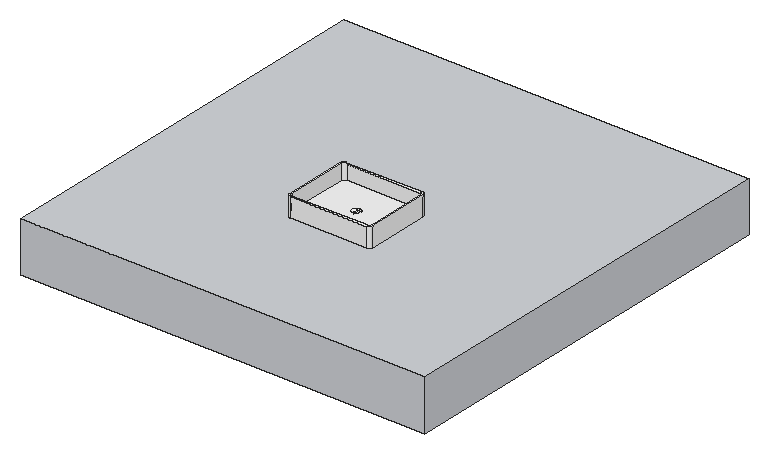
Revit family "IS_Strada_K0776_BIM_BE", category Plumbing Fixtures, host Face, Revit 2015
Parameters (values of type "K077601 - Strada Lavabo à poser 50 cm sans vidage")
  Wisselstukken = "isaftersalesbelgium@idealstandard.com"
  WaarborgGarantieInstallatie = "n/a"
  Vorm = "rechthoekig"
  Volumeunits = "liter"
  Verwachtelevensduur = "25 jaar"
  Vervangingskosten = 0
  Versie = "1"
  ValutaEenheid = "n/a"
  Urlproducent = "www.idealstandard.be"
  Uniclass2015Version = "Products v1.1"
  Uniclass2015Referentie = "Pr_40_20_96"
  Uniclass2015Beschrijving = "Wash basins, sinks and troughs"
  URL = "www.idealstandard.be"
  Typewastafel = "opbouwwastafel"
  Typeconnectie = "Sanitair"
  Type Comments = "n/a"
  Toepassing = "n/a"
  Telefoonnummer = "0032 2 325 66 00"
  Revisie = "n/a"
  Referentie = "n/a"
  Productinformatie = "www.idealstandard.be"
  ProductSoort = "n/a"
  OppervlakteEenheid = "n/a"
  OppervlakteAfmeting = "n/a"
  Ophangingwastafel = "opbouw"
  Normen = "n/a"
  Nettogewicht = 13
  Model = "K077601"
  Merk = "Ideal Standard"
  MaterialFinish = IS_IdealStandard_Ceramic_White_Render
  Materiaal = "fijne vuurklei"
  Manufacturer = "www.idealstandard.be"
  Longueur = 420 mm
  Lengte = 0 mm
  Largeur = 500 mm
  Kwaliteitsgraad = "n/a"
  Kleur = "Wit"
  Installatieinstructies = "www.idealstandard.be"
  IfcExportType = "WASHHANDBASINS"
  IfcExportAs = "IfcSanitaryTerminalType"
  Hulp = "issalesbelgium@idealstandard.com"
  Hoogte = "n/a"
  Hauteur = 115 mm
  GrootteAfvoergat = 0
  GemaaktOp = "n/a"
  Garantieunits = "isaftersalesbelgium@idealstandard.com"
  Garantieonderdelen = "10"
  GarantieduurInstallatie = "n/a"
  Eigenschappen = "Strada opbouwwastafel 500 mm uit fijne vuurklei. Achterzijde is geglazuurd. Zonder kraangaten of overloop. Te combineren met verhoogde wastafelkraan of muurkraan en een niet afsluitbare waste."
  Duurzaamheid = "n/a"
  DuurEenheid = "jaar"
  Distributeur = "n/a"
  Dimensions = "420 x 500 x 115 mm"
  Diepte = 0 mm
  Description = "Strada Lavabo à poser 50 cm sans vidage"
  Default Elevation = 0 mm
  Cost = 0
  BrutoGewicht = 0
  Breedte = 0
  BimObjectNaam = "ISI_IdealStandard_Lavabo_Strada_K077601"
  Bestanddelen = "n/a"
  Beschrijvinggarantie = "Fabrieksgarantie"
  Barrièrevrijwonen = "n/a"
  Barcode = "4015413031363"
  Auteur = "Ideal Standard Produktions-GmbH"
  Artikelreferentie = "n/a"
  Artikelomschrijving = "n/a"
  Artikelnummer = "n/a"
  Afwerking = "Wit"
  AfstandsEenheid = "n/a"
  Afmetingen = "n/a"
  Accesoires = "www.idealstandard.be"
Reference planes
  plane 1 "Center (Front/Back)": y = 0
  plane 2: z = 0
  plane 3 "Center (Left/Right)": x = 0
  plane 4: x = 250
  plane 5: x = -250
  plane 6: z = 115
  plane 7: y = -420
Forms (mm)
  Extrusion 1, solid
    sketch origin (0, 0, 0) x (1, 0, 0) y (0, 1, 0)
      loop
        line (-1219.2, 1219.2) -> (-1219.2, -1219.2) -> (1219.2, -1219.2) -> (1219.2, 1219.2) -> (-1219.2, 1219.2)
    from 0 to -304.8
  Extrusion 2, solid, material "IS_IdealStandard_Ceramic_White_Render" <- "MaterialFinish"
    sketch origin (-250, 0, 0) x (1, 0, 0) y (0, 1, 0)
      loop
        arc (20, 0) -> (5.858, -5.858) -> (0, -20) r 20
        line (0, -20) -> (0, -400)
        arc (0, -400) -> (5.858, -414.142) -> (20, -420) r 20
        line (20, -420) -> (480, -420)
        arc (480, -420) -> (494.142, -414.142) -> (500, -400) r 20
        line (500, -400) -> (500, -20)
        arc (500, -20) -> (494.142, -5.858) -> (480, 0) r 20
        line (480, 0) -> (20, 0)
    from 0 to 115
  Extrusion 3, void
    sketch origin (-300.775, -4572, 25) x (0, -1, 0) y (-1, 0, 0)
      loop
        line (-4564.5, -78.275) -> (-4564.5, -523.275)
        arc (-4564.5, -523.275) -> (-4558.642, -537.417) -> (-4544.5, -543.275) r 20
        line (-4544.5, -543.275) -> (-4179.5, -543.275)
        arc (-4179.5, -543.275) -> (-4165.358, -537.417) -> (-4159.5, -523.275) r 20
        line (-4159.5, -523.275) -> (-4159.5, -78.275)
        arc (-4159.5, -78.275) -> (-4165.358, -64.133) -> (-4179.5, -58.275) r 20
        line (-4179.5, -58.275) -> (-4544.5, -58.275)
        arc (-4544.5, -58.275) -> (-4558.642, -64.133) -> (-4564.5, -78.275) r 20
    from -90 to 0
  Revolve 4, void
    sketch origin (0, -4572, 338.865) x (0, 0, 1) y (0, -1, 0)
      loop
        line (-313.865, -4362) -> (-318.865, -4362) -> (-318.865, -4378) -> (-313.865, -4387) -> (-313.865, -4362)
      axis (-313.865, -4362) -> (-318.865, -4362)
    angle from 0 to 360
  Revolve 5, void
    sketch origin (0, 0, 0) x (0, 1, 0) y (0, 0, 1)
      loop
        line (-210, 10) -> (-240, 10) -> (-247.071, 17.071) -> (-263.056, 17.071) -> (-280.127, 0) -> (-210, 0) -> (-210, 10)
      axis (-210, 17.071) -> (-210, 0)
    angle from 0 to 360
Cuts and joins
  Extrusion 3, Revolve 4, Revolve 5 cuts Extrusion 2
Dimensions and locks
  "Largeur": plane 4 to plane 5
  "Hauteur": plane 6 to Extrusion 1
  "Longueur": plane 1 "Center (Front/Back)" to plane 7
  aligned and locked: plane 2 to Extrusion 1
  aligned and locked: level to Extrusion 1
  aligned and locked: cut or joined group of Extrusion 2, Extrusion 3, Revolve 4, Revolve 5 to Revolve 5 sketch curve
Automatic sketch dimensions
  Extrusion 1 sketch curve to Extrusion 1 sketch curve = 2438.4 mm  (x2)
  Extrusion 2 sketch curve to plane 5 = 0 mm
  plane 1 "Center (Front/Back)" to Extrusion 2 sketch curve = 0 mm
  Extrusion 2 sketch curve to plane 4 = 0 mm
  plane 5 to Extrusion 2 sketch curve = 20 mm
  Extrusion 2 sketch curve to Extrusion 2 sketch curve = 20 mm
  plane 4 to Extrusion 2 sketch curve = 20 mm  (x2)
  Extrusion 2 sketch curve to Extrusion 2 sketch curve = 380 mm
  plane 1 "Center (Front/Back)" to Extrusion 3 sketch curve = 7.5 mm
  Extrusion 3 sketch curve to Extrusion 3 sketch curve = 20 mm  (x2)
  plane 5 to Extrusion 3 sketch curve = 7.5 mm
  plane 1 "Center (Front/Back)" to Extrusion 3 sketch curve = 27.5 mm
  plane 5 to Extrusion 3 sketch curve = 27.5 mm
  Extrusion 3 sketch curve to Extrusion 3 sketch curve = 365 mm
  plane 4 to Extrusion 3 sketch curve = 27.5 mm
  level to Revolve 4 sketch curve = 20 mm
  Revolve 4 sketch curve to Revolve 4 sketch curve = 5 mm
  plane 1 "Center (Front/Back)" to Revolve 4 sketch curve = 185 mm
  Revolve 4 sketch curve to Revolve 4 sketch curve = 9 mm
  Revolve 4 sketch curve to Revolve 4 sketch curve = 16 mm
  Revolve 4 sketch curve to level = 40 mm
  Revolve 4 sketch curve to Revolve 4 sketch curve = 35 mm
  Revolve 4 sketch curve to Revolve 4 sketch curve = 0 mm
  Revolve 5 sketch curve to level = 0 mm
  plane 1 "Center (Front/Back)" to Revolve 5 sketch curve = 280.127 mm
  level to Revolve 5 sketch curve = 17.071 mm
  Revolve 5 sketch curve to Revolve 5 sketch curve = 17.071 mm
  Revolve 5 sketch curve to Revolve 5 sketch curve = 15.985 mm
  Revolve 5 sketch curve to Revolve 5 sketch curve = 7.071 mm
  level to Revolve 5 sketch curve = 10 mm
  Revolve 5 sketch curve to Revolve 5 sketch curve = 30 mm
  Revolve 5 sketch curve to Revolve 5 sketch curve = 0 mm
  Revolve 5 sketch curve to level = 10 mm
Connectors
  piping at (0, -210, 10), diameter 32
    settings: on cut or joined group of Extrusion 2, Extrusion 3, Revolve 4, Revolve 5, index 1, connector inside diameter 609.6 mm, connector length 0 mm, flow factor 0, pipe flow 0.0 L/s, pressure drop 0.0 Pa, fitting loss kfactor 0, connector angle 0.00°, fixture units 0, engagement length 0 mm, angle of deflection 0.00°, flow configuration 2, flow direction 2, fitting loss method 0, system type 16, joint type 0, gender type 0, connector reference index -1, connector utility 0, adjustable connector no, is connector primary yes, connector description ""
